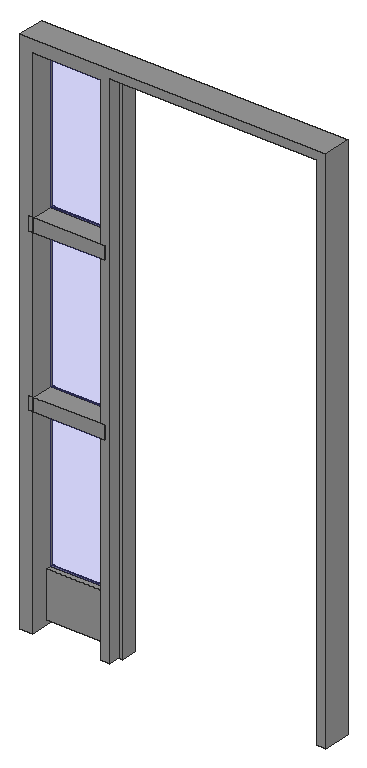
Revit family "DFSL1200RH (1200x2090mm)", category Doors, host Wall, Revit 2013
Parameters (values of type "DFSL1200RH (1200x2090mm)")
  Function = Interior
  Frame Projection Ext. = 25 mm
  Frame Projection Int. = 25 mm
  Frame Width = 75 mm
  Height = 2090 mm
  Wall Closure = By host
  Width = 1200 mm
Reference planes
  plane 1: y = 0
  plane 2 "Center (Left/Right)": x = 0
  plane 3 "Left": x = -600
  plane 4 "Right": x = 600
  plane 5: z = 2090
  plane 6 "Exterior": y = 75
  plane 7 "Interior": y = -75
Forms (mm)
  Extrusion 1, solid, material "Lauan, Meranti"
    sketch origin (0, 0, 0) x (1, 0, 0) y (0, 1, 0)
      loop
        line (600, -52.5) -> (600, 52.5) -> (550, 52.5) -> (550, -7.5) -> (565, -7.5) -> (565, -52.5) -> (600, -52.5)
      loop
        line (-600, -52.5) -> (-550, -52.5) -> (-550, 31.5) -> (-565, 31.5) -> (-565, 52.5) -> (-600, 52.5) -> (-600, -52.5)
      loop
        line (-248, -52.5) -> (-248, -7.5) -> (-233, -7.5) -> (-233, 52.5) -> (-268, 52.5) -> (-268, 31.5) -> (-283, 31.5) -> (-283, -52.5) -> (-248, -52.5)
    from 0 to 2055
  Sweep 2, solid, material "Lauan, Meranti"
    path origin (0, 75, 0) x (1, 0, 0) y (0, 0, 1)
      loop
        line (600, 2090) -> (-268, 2090)
    profile origin (166, 75, 2090) x (0, 0, -1) y (0, -1, 0)
      loop
        line (50, 22.5) -> (50, 82.5) -> (35, 82.5) -> (35, 127.5) -> (0, 127.5) -> (0, 22.5) -> (50, 22.5)
  Sweep 3, solid, material "Lauan, Meranti"
    path origin (0, 75, 0) x (1, 0, 0) y (0, 0, 1)
      loop
        line (-268, 2090) -> (-600, 2090)
    profile origin (-434, 75, 2090) x (0, 0, -1) y (0, -1, 0)
      loop
        line (0, 22.5) -> (35, 22.5) -> (35, 43.5) -> (50, 43.5) -> (50, 127.5) -> (0, 127.5) -> (0, 22.5)
  Extrusion 4, solid, material "Lauan, Meranti"
    sketch origin (0, 3.533, 0) x (0, 1, 0) y (0, 0, 1)
      loop
        line (27.967, 830) -> (-56.033, 830) -> (-56.033, 780) -> (27.967, 780) -> (27.967, 795) -> (48.967, 795) -> (48.967, 815) -> (27.967, 815) -> (27.967, 830)
      loop
        line (27.967, 1460) -> (-56.033, 1460) -> (-56.033, 1410) -> (27.967, 1410) -> (27.967, 1425) -> (48.967, 1425) -> (48.967, 1445) -> (27.967, 1445) -> (27.967, 1460)
      loop
        line (27.967, 200) -> (8.967, 200) -> (8.967, 20) -> (48.967, 20) -> (48.967, 185) -> (27.967, 185) -> (27.967, 200)
    from -565 to -268
  Extrusion 5, solid, material "Glass"
    sketch origin (0, 75, 0) x (1, 0, 0) y (0, 0, 1)
      loop
        line (-268, 795) -> (-565, 795) -> (-565, 185) -> (-268, 185) -> (-268, 795)
    from 37.5 to 43.5
  Extrusion 6, solid, material "Glass"
    sketch origin (0, 75, 630) x (1, 0, 0) y (0, 0, 1)
      loop
        line (-268, 795) -> (-565, 795) -> (-565, 185) -> (-268, 185) -> (-268, 795)
    from 37.5 to 43.5
  Extrusion 7, solid, material "Glass"
    sketch origin (0, 75, 1260) x (1, 0, 0) y (0, 0, 1)
      loop
        line (-268, 795) -> (-565, 795) -> (-565, 185) -> (-268, 185) -> (-268, 795)
    from 37.5 to 43.5
  Sweep 8, solid, material "Lauan, Meranti"
    path origin (0, 75, 0) x (1, 0, 0) y (0, 0, 1)
      loop
        line (-268, 795) -> (-565, 795) -> (-565, 185) -> (-268, 185) -> (-268, 795)
    profile origin (-416.5, 75, 795) x (0, 0, -1) y (0, -1, 0)
      loop
        line (0, 37.5) -> (0, 24.5)
        arc (0, 24.5) -> (10.056, 28.051) -> (15, 37.5) r 14.57
        line (15, 37.5) -> (0, 37.5)
  Sweep 9, solid, material "Lauan, Meranti"
    path origin (0, 75, 630) x (1, 0, 0) y (0, 0, 1)
      loop
        line (-268, 795) -> (-565, 795) -> (-565, 185) -> (-268, 185) -> (-268, 795)
    profile origin (-416.5, 75, 1425) x (0, 0, -1) y (0, -1, 0)
      loop
        line (0, 37.5) -> (0, 24.5)
        arc (0, 24.5) -> (10.056, 28.051) -> (15, 37.5) r 14.57
        line (15, 37.5) -> (0, 37.5)
  Sweep 10, solid, material "Lauan, Meranti"
    path origin (0, 75, 1260) x (1, 0, 0) y (0, 0, 1)
      loop
        line (-268, 795) -> (-565, 795) -> (-565, 185) -> (-268, 185) -> (-268, 795)
    profile origin (-416.5, 75, 2055) x (0, 0, -1) y (0, -1, 0)
      loop
        line (0, 37.5) -> (0, 24.5)
        arc (0, 24.5) -> (10.056, 28.051) -> (15, 37.5) r 14.57
        line (15, 37.5) -> (0, 37.5)
Cuts and joins
  joined: Extrusion 1, Sweep 2, Sweep 3
Lines and regions (mm)
  Opening 1
    outline origin (-3050, -75, 0) x (1, 0, 0) y (0, 0, 1)
      loop
        line (2450, 0) -> (3650, 0) -> (3650, 2090) -> (2450, 2090) -> (2450, 0)
  model lines
    curve 1: line (565, -52.5, 0) -> (565, -865.5, 0)
    curve 2: arc (-248, -52.5, 0) -> (-9.878, -627.378, 0) -> (565, -865.5, 0) r 813
  symbolic lines, style "Elevation Swing"
    curve 3: line (-248, -75, 1043.792) -> (567.5, -75, 2055)
    curve 4: line (-248, -75, 1043.792) -> (567.5, -75, 0)
Text (mm)
  text "Exterior" at (-2295.016, 1099.543, 0), in view "Ref. Level"
  text "Exterior" at (0, 1615.38, 3698.081), in view "Left"
  text "Exterior" at (0, 1036.032, 3874.932), in view "Right"
Dimensions and locks
  equal spacing: plane 3 "Left", plane 2 "Center (Left/Right)", plane 4 "Right"
  "Width": plane 3 "Left" to plane 4 "Right"
  "Height": plane 5 to host wall
  host wall to plane 5 = 2090 mm  (x2)
  locked: plane 6 "Exterior" to host wall at 0
  locked: plane 7 "Interior" to host wall
  plane 3 "Left" to plane 4 "Right" = 1200 mm  (x2)
  aligned and locked: plane 3 "Left" to Opening 1 sketch curve
  aligned and locked: plane 5 to Opening 1 sketch curve  (x2)
  aligned and locked: Opening 1 sketch curve to plane 4 "Right"
  aligned and locked: Opening 1 sketch curve to level
  aligned and locked: plane 1 to host wall
Automatic sketch dimensions
  Extrusion 1 sketch curve to plane 3 "Left" = 0 mm
  Extrusion 1 sketch curve to plane 4 "Right" = 0 mm
  Extrusion 1 sketch curve to host wall = 22.5 mm  (x6)
  host wall to Extrusion 1 sketch curve = 7.5 mm  (x2)
  Extrusion 1 sketch curve to host wall = 31.5 mm  (x2)
  Sweep 2 sketch curve to plane 5 = 0 mm
  plane 4 "Right" to Sweep 2 sketch curve = 0 mm
  Sweep 2 sketch curve to profile plane = 0 mm
  plane 6 "Exterior" to Sweep 2 sketch curve = 22.5 mm
  Sweep 2 sketch curve to Sweep 2 sketch curve = 35 mm
  Sweep 2 sketch curve to Sweep 2 sketch curve = 50 mm
  Sweep 2 sketch curve to Sweep 2 sketch curve = 60 mm
  Sweep 2 sketch curve to Sweep 2 sketch curve = 45 mm
  plane 3 "Left" to Sweep 3 sketch curve = 0 mm
  Sweep 3 sketch curve to plane 5 = 0 mm
  Sweep 3 sketch curve to profile plane = 0 mm
  plane 6 "Exterior" to Sweep 3 sketch curve = 22.5 mm
  Sweep 3 sketch curve to profile plane = 35 mm
  Sweep 3 sketch curve to Sweep 3 sketch curve = 15 mm
  Sweep 3 sketch curve to Sweep 3 sketch curve = 21 mm
  Sweep 3 sketch curve to Sweep 3 sketch curve = 84 mm
  host wall to Extrusion 4 sketch curve = 52.5 mm  (x2)
  Extrusion 4 sketch curve to host wall = 12.5 mm
  Extrusion 4 sketch curve to Extrusion 4 sketch curve = 84 mm  (x4)
  Extrusion 4 sketch curve to Extrusion 4 sketch curve = 19 mm
  Extrusion 4 sketch curve to Extrusion 4 sketch curve = 21 mm  (x2)
  Extrusion 4 sketch curve to host wall = 22.5 mm
  Sweep 8 sketch curve to profile plane = 0 mm
  plane 6 "Exterior" to Sweep 8 sketch curve = 24.5 mm
  Sweep 8 sketch curve to profile plane = 15 mm
  Sweep 8 sketch curve to profile plane = 0.514 mm
  Sweep 8 sketch curve to Sweep 8 sketch curve = 13 mm
  Sweep 9 sketch curve to profile plane = 0 mm
  plane 6 "Exterior" to Sweep 9 sketch curve = 24.5 mm
  Sweep 9 sketch curve to profile plane = 15 mm
  Sweep 9 sketch curve to profile plane = 0.514 mm
  Sweep 9 sketch curve to Sweep 9 sketch curve = 13 mm
  Sweep 10 sketch curve to profile plane = 0 mm
  plane 6 "Exterior" to Sweep 10 sketch curve = 24.5 mm
  Sweep 10 sketch curve to profile plane = 15 mm
  Sweep 10 sketch curve to profile plane = 0.514 mm
  Sweep 10 sketch curve to Sweep 10 sketch curve = 13 mm
  Extrusion 4 sketch curve to Extrusion 4 sketch curve = 15 mm  (x5)
  Extrusion 4 sketch curve to Extrusion 4 sketch curve = 580 mm  (x2)
  Extrusion 4 sketch curve to Extrusion 4 sketch curve = 20 mm  (x2)
  Extrusion 5 sketch curve to Extrusion 5 sketch curve = 610 mm
  Extrusion 6 sketch curve to Extrusion 6 sketch curve = 610 mm
  plane 5 to Extrusion 7 sketch curve = 645 mm
  plane 5 to Extrusion 7 sketch curve = 35 mm
  Sweep 8 sketch curve to Sweep 8 sketch curve = 610 mm
  Sweep 9 sketch curve to Sweep 9 sketch curve = 610 mm
  plane 5 to Sweep 10 sketch curve = 645 mm
  plane 5 to Sweep 10 sketch curve = 35 mm
  Extrusion 1 sketch curve to plane 3 "Left" = 35 mm
  Extrusion 1 sketch curve to plane 3 "Left" = 50 mm
  Extrusion 1 sketch curve to Extrusion 1 sketch curve = 267 mm
  Extrusion 1 sketch curve to Extrusion 1 sketch curve = 15 mm  (x2)
  Extrusion 1 sketch curve to Extrusion 1 sketch curve = 35 mm
  plane 4 "Right" to Extrusion 1 sketch curve = 50 mm
  plane 4 "Right" to Extrusion 1 sketch curve = 35 mm
  Sweep 2 sketch curve to plane 2 "Center (Left/Right)" = 268 mm
  Sweep 3 sketch curve to plane 2 "Center (Left/Right)" = 268 mm
  Extrusion 5 sketch curve to plane 3 "Left" = 35 mm
  Extrusion 5 sketch curve to plane 2 "Center (Left/Right)" = 268 mm
  Extrusion 6 sketch curve to plane 3 "Left" = 35 mm
  Extrusion 6 sketch curve to plane 2 "Center (Left/Right)" = 268 mm
  Extrusion 7 sketch curve to plane 3 "Left" = 35 mm
  Extrusion 7 sketch curve to plane 2 "Center (Left/Right)" = 268 mm
  Sweep 8 sketch curve to plane 3 "Left" = 35 mm
  Sweep 8 sketch curve to plane 2 "Center (Left/Right)" = 268 mm
  Sweep 9 sketch curve to plane 3 "Left" = 35 mm
  Sweep 9 sketch curve to plane 2 "Center (Left/Right)" = 268 mm
  Sweep 10 sketch curve to plane 3 "Left" = 35 mm
  Sweep 10 sketch curve to plane 2 "Center (Left/Right)" = 268 mm
  level to Extrusion 4 sketch curve = 20 mm
  Extrusion 4 sketch curve to Extrusion 4 sketch curve = 165 mm
  level to Extrusion 5 sketch curve = 185 mm
  level to Extrusion 6 sketch curve = 815 mm
  level to Sweep 8 sketch curve = 185 mm
  level to Sweep 9 sketch curve = 815 mm
  curve 2 to host wall = 22.5 mm
  curve 2 to plane 2 "Center (Left/Right)" = 248 mm
  plane 4 "Right" to curve 2 = 35 mm
  curve 1 to curve 2 = 0 mm
  curve 4 to plane 2 "Center (Left/Right)" = 248 mm
  level to curve 4 = 1043.792 mm
  curve 4 to level = 0 mm
  plane 4 "Right" to curve 4 = 32.5 mm
  plane 4 "Right" to curve 3 = 32.5 mm
  plane 5 to curve 3 = 35 mm
